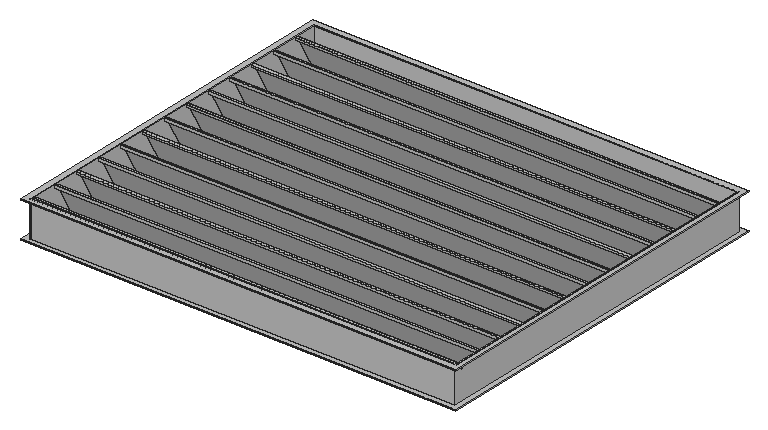
Revit family "Louver-Flanged_Frame-Carnes-Rectangular-J_Blade-FKGC", category Air Terminals, host Face, Revit 2012
Parameters (values of type "(See Type Catalog)")
  ecoScorecard_data = ""
  ecoScorecard Product Page = "http://ecoscorecard.com/"
  URL = "http://www.carnes.com/index.html"
  Subcategory = "Louvers and Dampers"
  Specifications  URL = "http://www.carnes.com/Louvers/pdf/17144.pdf"
  Product Page URL = "http://www.carnes.com/Louvers/FLGC-FKGC.htm"
  Product Line = "\"J\" Blade Louvers"
  Pressure Drop = 0.00 Pa
  Point of Water Penetration = 834 FPM
  Outside Width = Louver Width + 1" * 2  # 74"
  Outside Height = Louver Height + 1" * 2  # 62"
  Model = "FLGC"
  Minimum Size = "12\"W x 12\"H"
  Meets Building Code Standards = "Licensed to bear the AMCA seal"
  Maximum Vertical Size = "84\"W x 120\"H"
  Maximum Horinzontal Size = "120\"W x 84\"H"
  Manufacturer = "Carnes Company"
  Free Area Note = "See Spec Sheet URL"
  Free Area = 0.00 SF
  Description = "\"J\" Blade Louvers"
  Connector Description 1 = "Duct Connetor"
  Blades Quantity [instance] = Louver Height / 4 5/8"  # 13
  Manufacturer Phone = "608-845-6411"
  Manufacturer Fax = "608-845-6470"
  Manufacturer Email = "mailto:carnes@carnes.com"
  Manufacturer Address = "448 S. Main St., P. O. Box 930040, Verona, WI 53593-0040"
  Louver Width = 72"
  Louver Length = 6.2"
  Louver Height = 60"
  Blades Length [instance] = Louver Length - 1/4"  # 5.95"
  Frame Material = Aluminum - Carnes - Extruded
  Default Elevation = 48"
  Cost Info = "mailto:carnes@carnes.com"
  Catalog URL = "http://www.carnes.com/Louvers/pdf/f6-7.pdf"
  Symbol Blades Quantity = (Louver Width / 3")  # 24
  Blade Offset from Frame [instance] = 3"
  Blade Material = Aluminum - Carnes - Extruded
  Assembly Code = "D3090700"
  Airflow = 0 CFM
  95 CSI = "10200"
  04 CSI = "08 91 00"
Reference planes (in)
  plane 1 "Center (Elevation)": y = 0
  plane 2: z = 0
  plane 3 "Center (Left/Right)": x = 0
  plane 4 "Rear": z = -6.2
  plane 5: z = -0.125
  plane 6: z = -6.075
  plane 7: z = -3.1
  plane 8: x = -36
  plane 9: x = 36
  plane 10: x = -37
  plane 11: x = 37
  plane 12: y = 30
  plane 13: y = -30
  plane 14: y = 31
  plane 15: y = -31
  plane 16 "Blade CL": y = 28
Forms (in)
  Extrusion 1, solid, material "Aluminum - Carnes - Extruded" <- "Frame Material"
    sketch origin (0, 0, 0) x (1, 0, 0) y (0, 1, 0)
      loop
        line (-37, 31) -> (-37, -31) -> (37, -31) -> (37, 31) -> (-37, 31)
      loop
        line (-36, 30) -> (-36, -30) -> (36, -30) -> (36, 30) -> (-36, 30)
    from -0.125 to 0
  Extrusion 2, solid, material "Aluminum - Carnes - Extruded" <- "Frame Material"
    sketch origin (0, 0, 0) x (1, 0, 0) y (0, 1, 0)
      loop
        line (-37, 31) -> (-37, -31) -> (37, -31) -> (37, 31) -> (-37, 31)
      loop
        line (-36, 30) -> (-36, -30) -> (36, -30) -> (36, 30) -> (-36, 30)
    from -6.2 to -6.075
  Extrusion 3, solid, material "Aluminum - Carnes - Extruded" <- "Frame Material"
    sketch origin (0, 0, 0) x (1, 0, 0) y (0, 1, 0)
      loop
        line (-36, 30) -> (-36, -30) -> (36, -30) -> (36, 30) -> (-36, 30)
      loop
        line (-36.125, 30.125) -> (-36.125, -30.125) -> (36.125, -30.125) -> (36.125, 30.125) -> (-36.125, 30.125)
    from -6.075 to -0.125
Lines and regions (in)
  Masking region 1, detail levels coarse
    outline origin (0, 0, 0) x (1, 0, 0) y (0, 0, 1)
      loop
        line (37, 0) -> (-37, 0) -> (-37, -6.2) -> (37, -6.2) -> (37, 0)
  Masking region 2, detail levels medium+fine
    outline origin (0, 0, 0) x (1, 0, 0) y (0, 0, 1)
      loop
        line (37, 0) -> (-37, 0) -> (-37, -0.125) -> (-36.125, -0.125) -> (-36.125, -6.075) -> (-37, -6.075) -> (-37, -6.2) -> (37, -6.2) -> (37, -6.075) -> (36.125, -6.075) -> (36.125, -0.125) -> (37, -0.125) -> (37, 0)
  symbolic lines, detail levels fine
    curve 1: line (36.125, 0, -0.125) -> (-36.125, 0, -0.125)
    curve 2: line (36.125, 0, -6.075) -> (-36.125, 0, -6.075)
  symbolic lines
    curve 3: line (36, 0, -0.1875) -> (35.52861, 0, -0.1875)
    curve 4: line (32.3704, 0, -6.0125) -> (33.94951, 0, -3.1)
    curve 5: line (33.94951, 0, -3.1) -> (35.52861, 0, -0.1875)
    curve 6: line (33, 0, -0.1875) -> (32.52861, 0, -0.1875)
    curve 7: line (29.3704, 0, -6.0125) -> (30.94951, 0, -3.1)
    curve 8: line (30.94951, 0, -3.1) -> (32.52861, 0, -0.1875)
    curve 9: line (30, 0, -0.1875) -> (29.52861, 0, -0.1875)
    curve 10: line (26.3704, 0, -6.0125) -> (27.94951, 0, -3.1)
    curve 11: line (27.94951, 0, -3.1) -> (29.52861, 0, -0.1875)
    curve 12: line (27, 0, -0.1875) -> (26.52861, 0, -0.1875)
    curve 13: line (23.3704, 0, -6.0125) -> (24.94951, 0, -3.1)
    curve 14: line (24.94951, 0, -3.1) -> (26.52861, 0, -0.1875)
    curve 15: line (24, 0, -0.1875) -> (23.52861, 0, -0.1875)
    curve 16: line (20.3704, 0, -6.0125) -> (21.94951, 0, -3.1)
    curve 17: line (21.94951, 0, -3.1) -> (23.52861, 0, -0.1875)
    curve 18: line (21, 0, -0.1875) -> (20.52861, 0, -0.1875)
    curve 19: line (17.3704, 0, -6.0125) -> (18.94951, 0, -3.1)
    curve 20: line (18.94951, 0, -3.1) -> (20.52861, 0, -0.1875)
    curve 21: line (18, 0, -0.1875) -> (17.52861, 0, -0.1875)
    curve 22: line (14.3704, 0, -6.0125) -> (15.94951, 0, -3.1)
    curve 23: line (15.94951, 0, -3.1) -> (17.52861, 0, -0.1875)
    curve 24: line (15, 0, -0.1875) -> (14.52861, 0, -0.1875)
    curve 25: line (11.3704, 0, -6.0125) -> (12.94951, 0, -3.1)
    curve 26: line (12.94951, 0, -3.1) -> (14.52861, 0, -0.1875)
    curve 27: line (12, 0, -0.1875) -> (11.52861, 0, -0.1875)
    curve 28: line (8.3704, 0, -6.0125) -> (9.94951, 0, -3.1)
    curve 29: line (9.94951, 0, -3.1) -> (11.52861, 0, -0.1875)
    curve 30: line (9, 0, -0.1875) -> (8.52861, 0, -0.1875)
    curve 31: line (5.3704, 0, -6.0125) -> (6.94951, 0, -3.1)
    curve 32: line (6.94951, 0, -3.1) -> (8.52861, 0, -0.1875)
    curve 33: line (6, 0, -0.1875) -> (5.52861, 0, -0.1875)
    curve 34: line (2.3704, 0, -6.0125) -> (3.94951, 0, -3.1)
    curve 35: line (3.94951, 0, -3.1) -> (5.52861, 0, -0.1875)
    curve 36: line (3, 0, -0.1875) -> (2.52861, 0, -0.1875)
    curve 37: line (-0.6296, 0, -6.0125) -> (0.94951, 0, -3.1)
    curve 38: line (0.94951, 0, -3.1) -> (2.52861, 0, -0.1875)
    curve 39: line (0, 0, -0.1875) -> (-0.47139, 0, -0.1875)
    curve 40: line (-3.6296, 0, -6.0125) -> (-2.05049, 0, -3.1)
    curve 41: line (-2.05049, 0, -3.1) -> (-0.47139, 0, -0.1875)
    curve 42: line (-3, 0, -0.1875) -> (-3.47139, 0, -0.1875)
    curve 43: line (-6.6296, 0, -6.0125) -> (-5.05049, 0, -3.1)
    curve 44: line (-5.05049, 0, -3.1) -> (-3.47139, 0, -0.1875)
    curve 45: line (-6, 0, -0.1875) -> (-6.47139, 0, -0.1875)
    curve 46: line (-9.6296, 0, -6.0125) -> (-8.05049, 0, -3.1)
    curve 47: line (-8.05049, 0, -3.1) -> (-6.47139, 0, -0.1875)
    curve 48: line (-9, 0, -0.1875) -> (-9.47139, 0, -0.1875)
    curve 49: line (-12.6296, 0, -6.0125) -> (-11.05049, 0, -3.1)
    curve 50: line (-11.05049, 0, -3.1) -> (-9.47139, 0, -0.1875)
    curve 51: line (-12, 0, -0.1875) -> (-12.47139, 0, -0.1875)
    curve 52: line (-15.6296, 0, -6.0125) -> (-14.05049, 0, -3.1)
    curve 53: line (-14.05049, 0, -3.1) -> (-12.47139, 0, -0.1875)
    curve 54: line (-15, 0, -0.1875) -> (-15.47139, 0, -0.1875)
    curve 55: line (-18.6296, 0, -6.0125) -> (-17.05049, 0, -3.1)
    curve 56: line (-17.05049, 0, -3.1) -> (-15.47139, 0, -0.1875)
    curve 57: line (-18, 0, -0.1875) -> (-18.47139, 0, -0.1875)
    curve 58: line (-21.6296, 0, -6.0125) -> (-20.05049, 0, -3.1)
    curve 59: line (-20.05049, 0, -3.1) -> (-18.47139, 0, -0.1875)
    curve 60: line (-21, 0, -0.1875) -> (-21.47139, 0, -0.1875)
    curve 61: line (-24.6296, 0, -6.0125) -> (-23.05049, 0, -3.1)
    curve 62: line (-23.05049, 0, -3.1) -> (-21.47139, 0, -0.1875)
    curve 63: line (-24, 0, -0.1875) -> (-24.47139, 0, -0.1875)
    curve 64: line (-27.6296, 0, -6.0125) -> (-26.05049, 0, -3.1)
    curve 65: line (-26.05049, 0, -3.1) -> (-24.47139, 0, -0.1875)
    curve 66: line (-27, 0, -0.1875) -> (-27.47139, 0, -0.1875)
    curve 67: line (-30.6296, 0, -6.0125) -> (-29.05049, 0, -3.1)
    curve 68: line (-29.05049, 0, -3.1) -> (-27.47139, 0, -0.1875)
    curve 69: line (-30, 0, -0.1875) -> (-30.47139, 0, -0.1875)
    curve 70: line (-33.6296, 0, -6.0125) -> (-32.05049, 0, -3.1)
    curve 71: line (-32.05049, 0, -3.1) -> (-30.47139, 0, -0.1875)
    curve 72: line (32.3704, 0, -6.0125) -> (31.8704, 0, -6.0125)
    curve 73: line (29.3704, 0, -6.0125) -> (28.8704, 0, -6.0125)
    curve 74: line (26.3704, 0, -6.0125) -> (25.8704, 0, -6.0125)
    curve 75: line (23.3704, 0, -6.0125) -> (22.8704, 0, -6.0125)
    curve 76: line (20.3704, 0, -6.0125) -> (19.8704, 0, -6.0125)
    curve 77: line (17.3704, 0, -6.0125) -> (16.8704, 0, -6.0125)
    curve 78: line (14.3704, 0, -6.0125) -> (13.8704, 0, -6.0125)
    curve 79: line (11.3704, 0, -6.0125) -> (10.8704, 0, -6.0125)
    curve 80: line (8.3704, 0, -6.0125) -> (7.8704, 0, -6.0125)
    curve 81: line (5.3704, 0, -6.0125) -> (4.8704, 0, -6.0125)
    curve 82: line (2.3704, 0, -6.0125) -> (1.8704, 0, -6.0125)
    curve 83: line (-0.6296, 0, -6.0125) -> (-1.1296, 0, -6.0125)
    curve 84: line (-3.6296, 0, -6.0125) -> (-4.1296, 0, -6.0125)
    curve 85: line (-6.6296, 0, -6.0125) -> (-7.1296, 0, -6.0125)
    curve 86: line (-9.6296, 0, -6.0125) -> (-10.1296, 0, -6.0125)
    curve 87: line (-12.6296, 0, -6.0125) -> (-13.1296, 0, -6.0125)
    curve 88: line (-15.6296, 0, -6.0125) -> (-16.1296, 0, -6.0125)
    curve 89: line (-18.6296, 0, -6.0125) -> (-19.1296, 0, -6.0125)
    curve 90: line (-21.6296, 0, -6.0125) -> (-22.1296, 0, -6.0125)
    curve 91: line (-24.6296, 0, -6.0125) -> (-25.1296, 0, -6.0125)
    curve 92: line (-27.6296, 0, -6.0125) -> (-28.1296, 0, -6.0125)
    curve 93: line (-30.6296, 0, -6.0125) -> (-31.1296, 0, -6.0125)
    curve 94: line (-33.6296, 0, -6.0125) -> (-34.1296, 0, -6.0125)
    curve 95: line (-33, 0, -0.1875) -> (-33.47139, 0, -0.1875)
    curve 96: line (-36.6296, 0, -6.0125) -> (-35.05049, 0, -3.1)
    curve 97: line (-35.05049, 0, -3.1) -> (-33.47139, 0, -0.1875)
    curve 98: line (-36.6296, 0, -6.0125) -> (-37.1296, 0, -6.0125)
Dimensions and locks (in)
  equal spacing: plane 15, plane 1 "Center (Elevation)", plane 14
  locked: plane 2 to plane 5 at 0.125
  locked: plane 6 to plane 4 "Rear" at 0.125
  "Louver Length": plane 2 to plane 4 "Rear"
  equal spacing: plane 5, plane 7, plane 6
  "Blade Offset from Frame": plane 14 to plane 16 "Blade CL"
  equal spacing: group 1, group 2, group 3, group 4, group 5, group 6, group 7, group 8, group 9, group 10, group 11, group 12, group 36  (x2)
  equal spacing: group 36, group 12, group 11, group 10, group 9, group 8, group 7, group 6, group 5, group 4, group 3, group 2, group 1
  locked: nested 1 to nested 2 at 4.64
  "Outside Height": plane 14 to plane 15
  equal spacing: plane 8, plane 3 "Center (Left/Right)", plane 9
  "Louver Width": plane 8 to plane 9
  equal spacing: plane 10, plane 3 "Center (Left/Right)", plane 11
  "Outside Width": plane 10 to plane 11
  equal spacing: plane 13, plane 1 "Center (Elevation)", plane 12
  "Louver Height": plane 13 to plane 12
  locked: curve 3 to plane 5 at 0.0625
  equal spacing: group 37, group 35, group 34, group 33, group 32, group 31, group 30, group 29, group 28, group 27, group 26, group 25, group 24, group 23, group 22, group 21, group 20, group 19, group 18, group 17, group 16, group 15, group 14, group 13
  equal spacing: group 13, group 14, group 15, group 16, group 17, group 18, group 19, group 20, group 21, group 22, group 23, group 24, group 25, group 26, group 27, group 28, group 29, group 30, group 31, group 32, group 33, group 34, group 35, group 37  (x2)
  locked: curve 51 to plane 5 at 0.0625
  locked: curve 5 to curve 8 at 3
  locked: plane 6 to curve 72 at 0.0625
  locked: curve 72 to plane 9 at 4.1296
  aligned and locked: plane 2 to host face
  aligned and locked: host face to level
  aligned and locked: plane 10 to Extrusion 1 sketch curve
  aligned and locked: Extrusion 1 sketch curve to plane 14
  aligned and locked: plane 15 to Extrusion 1 sketch curve
  aligned and locked: plane 11 to Extrusion 1 sketch curve
  aligned and locked: plane 8 to Extrusion 1 sketch curve
  aligned and locked: Extrusion 1 sketch curve to plane 12
  aligned and locked: plane 13 to Extrusion 1 sketch curve
  aligned and locked: plane 9 to Extrusion 1 sketch curve
  aligned and locked: Extrusion 1 to plane 5
  aligned and locked: plane 2 to Extrusion 1
  aligned and locked: Extrusion 2 sketch curve to Extrusion 1  (x6)
  aligned and locked: Extrusion 1 to Extrusion 2 sketch curve  (x2)
  aligned and locked: plane 6 to Extrusion 2
  aligned and locked: Extrusion 2 to plane 4 "Rear"
  aligned and locked: plane 8 to Extrusion 3 sketch curve
  aligned and locked: Extrusion 3 sketch curve to Extrusion 1  (x3)
  aligned and locked: plane 5 to Extrusion 3
  aligned and locked: Extrusion 3 to plane 6
  aligned and locked: plane 7 to nested 1
  aligned and locked: nested 1 to plane 16 "Blade CL"
  aligned and locked: plane 11 to Masking region 1 sketch curve
  aligned and locked: Masking region 1 sketch curve to plane 2
  aligned and locked: plane 4 "Rear" to Masking region 1 sketch curve
  aligned and locked: plane 10 to Masking region 1 sketch curve
  aligned and locked: Masking region 2 sketch curve to level
  aligned and locked: Masking region 2 sketch curve to plane 11  (x2)
  aligned and locked: plane 5 to Masking region 2 sketch curve  (x2)
  aligned and locked: Masking region 2 sketch curve to Extrusion 3  (x2)
  aligned and locked: plane 6 to Masking region 2 sketch curve  (x2)
  aligned and locked: plane 4 "Rear" to Masking region 2 sketch curve
  aligned and locked: Masking region 2 sketch curve to plane 10  (x2)
  aligned and locked: Extrusion 3 to curve 1  (x2)
  aligned and locked: curve 1 to plane 5
  aligned and locked: Extrusion 3 to curve 2  (x2)
  aligned and locked: curve 2 to plane 6
  aligned and locked: plane 7 to nested 13
Automatic sketch dimensions
  Extrusion 3 sketch curve to plane 8 = 1/8"
  Extrusion 3 sketch curve to plane 9 = 1/8"
  plane 13 to Extrusion 3 sketch curve = 1/8"
  plane 12 to Extrusion 3 sketch curve = 1/8"
  host sketch curve to host sketch curve = 122.28147"
  host sketch curve to host sketch curve = 113.0841"
  curve 4 to curve 5 = 3.31304"  (x4)
  curve 3 to curve 3 = 0.47139"
  curve 72 to curve 72 = 1/2"
  curve 73 to curve 73 = 1/2"
  curve 74 to curve 74 = 1/2"
  curve 75 to curve 75 = 1/2"
  curve 76 to curve 76 = 1/2"
  curve 77 to curve 77 = 1/2"
  curve 78 to curve 78 = 1/2"
  curve 79 to curve 79 = 1/2"
  curve 80 to curve 80 = 1/2"
  curve 81 to curve 81 = 1/2"
  curve 82 to curve 82 = 1/2"
  curve 83 to curve 83 = 1/2"
  curve 84 to curve 84 = 1/2"
  curve 85 to curve 85 = 1/2"
  curve 86 to curve 86 = 1/2"
  curve 87 to curve 87 = 1/2"
  curve 88 to curve 88 = 1/2"
  curve 89 to curve 89 = 1/2"
  curve 90 to curve 90 = 1/2"
  curve 91 to curve 91 = 1/2"
  curve 92 to curve 92 = 1/2"
  curve 93 to curve 93 = 1/2"
  curve 94 to curve 94 = 1/2"
  curve 98 to curve 98 = 1/2"
Nested families (in)
  nested 1: "Louver_Blade-Carnes" at (0, 28, -3.1), type "Standard"
    with Width 72", Length 5.95"
  nested 2: "Louver_Blade-Carnes" at (0, 23.36, -3.1), type "Standard"
    with Width 72", Length 5.95"
  nested 3: "Louver_Blade-Carnes" at (0, 18.72, -3.1), type "Standard"
    with Width 72", Length 5.95"
  nested 4: "Louver_Blade-Carnes" at (0, 14.08, -3.1), type "Standard"
    with Width 72", Length 5.95"
  nested 5: "Louver_Blade-Carnes" at (0, 9.44, -3.1), type "Standard"
    with Width 72", Length 5.95"
  nested 6: "Louver_Blade-Carnes" at (0, 4.8, -3.1), type "Standard"
    with Width 72", Length 5.95"
  nested 7: "Louver_Blade-Carnes" at (0, 0.16, -3.1), type "Standard"
    with Width 72", Length 5.95"
  nested 8: "Louver_Blade-Carnes" at (0, -4.48, -3.1), type "Standard"
    with Width 72", Length 5.95"
  nested 9: "Louver_Blade-Carnes" at (0, -9.12, -3.1), type "Standard"
    with Width 72", Length 5.95"
  nested 10: "Louver_Blade-Carnes" at (0, -13.76, -3.1), type "Standard"
    with Width 72", Length 5.95"
  nested 11: "Louver_Blade-Carnes" at (0, -18.4, -3.1), type "Standard"
    with Width 72", Length 5.95"
  nested 12: "Louver_Blade-Carnes" at (0, -23.04, -3.1), type "Standard"
    with Width 72", Length 5.95"
  nested 13: "Louver_Blade-Carnes" at (0, -27.68, -3.1), type "Standard"
    with Width 72", Length 5.95"
Connectors (in)
  hvac at (0, 0, -6.2), driven by "Louver Height", driven by "Louver Width", driven by "Connector Description 1", driven by "Airflow", driven by "Pressure Drop"
    settings: on Extrusion 2, index 1, duct flow 0 CFM, flow factor 0, pres drop 0.00 Pa, loss coef 0, conn angle 0.00°, conn width 72", conn height 60", conn radius 12", duct sys type 29, conn prof type 1, flow config 0, flow direction 0, loss method 4, conn ref index -1, conn util no, is conn primary yes, conn desc "Duct Connetor"
Definition of nested family "Louver_Blade-Carnes"
  Parameters (values of type "Standard")
    Width = 12"
    Blade Material = none
    Length = 5 1/2"
    Assembly Code = ""
  Reference planes (in)
    plane 1 "Center (Front/Back)": y = 0
    plane 2: z = 0
    plane 3 "Center (Left/Right)": x = 0
    plane 4: y = 2
    plane 5: y = -2
    plane 6: z = 2.75
    plane 7: z = -2.75
    plane 8: x = -6
    plane 9: x = 6
  Forms (in)
    Sweep 1, solid, material <- "Blade Material"
      path origin (0, 0, 0) x (1, 0, 0) y (0, 1, 0)
        loop
          line (-6, 0) -> (6, 0)
      profile origin (0, 0, 0) x (0, 1, 0) y (0, 0, 1)
        loop
          line (-2, 2.75) -> (-2, 2.34375) -> (-1.9375, 2.34375) -> (-1.9375, 2.6875) -> (-1.60161, 2.6875) -> (-0.00915, 0.00388) -> (1.625, -2.75) -> (2, -2.75) -> (2, -2.34375) -> (1.9375, -2.34375) -> (1.9375, -2.6875) -> (1.66411, -2.6875) -> (0.10505, -0.06016) -> (-1.5625, 2.75) -> (-2, 2.75)
  Dimensions and locks (in)
    equal spacing: plane 4, plane 1 "Center (Front/Back)", plane 5
    locked: plane 4 to plane 5 at 4
    equal spacing: plane 7, plane 2, plane 6
    "Length": plane 7 to plane 6
    equal spacing: plane 8, plane 3 "Center (Left/Right)", plane 9
    "Width": plane 8 to plane 9
    locked: Sweep 1 sketch curve to Sweep 1 sketch curve at 0.0625  (x4)
    locked: Sweep 1 sketch curve to Sweep 1 sketch curve at 0.375
    locked: Sweep 1 sketch curve to Sweep 1 sketch curve at 0.4375
    locked: Sweep 1 sketch curve to Sweep 1 sketch curve at 0.06553  (x2)
    aligned and locked: plane 1 "Center (Front/Back)" to Sweep 1 sketch curve
    aligned and locked: plane 8 to Sweep 1 sketch curve
    aligned and locked: plane 9 to Sweep 1 sketch curve
    aligned and locked: plane 7 to Sweep 1 sketch curve
    aligned and locked: plane 4 to Sweep 1 sketch curve
    aligned and locked: plane 6 to Sweep 1 sketch curve
    aligned and locked: plane 5 to Sweep 1 sketch curve
    aligned and locked: Sweep 1 sketch curve to Sweep 1 sketch curve  (x2)
  Automatic sketch dimensions
    Sweep 1 sketch curve to Sweep 1 sketch curve = 11/32"  (x2)
    profile plane to Sweep 1 sketch curve = 0.00915"
    Sweep 1 sketch curve to profile plane = 0.10505"
